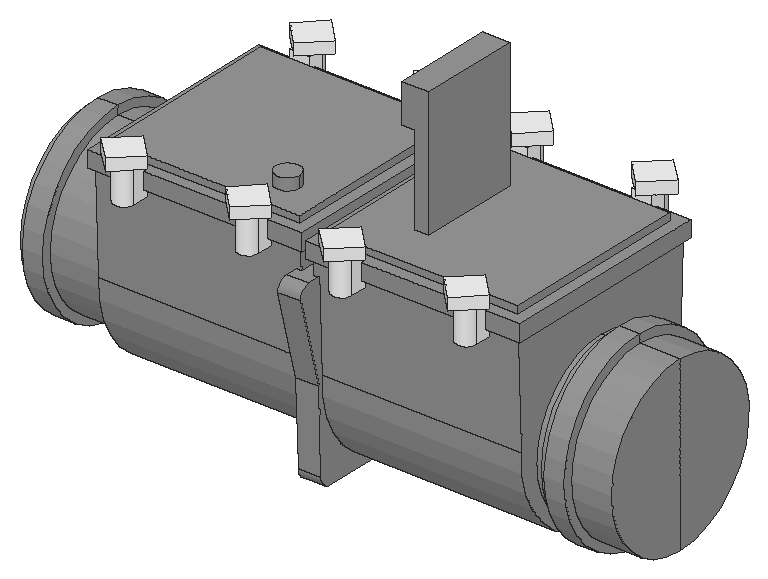
Revit family "HL_Механический канализационный затвор_HL715.2", category Příslušenství trubek, Revit 2016
Family settings
  Typ součásti = Normální
  Kóta kulaté spojky = Použít průměr
  Číslo OmniClass = 23.65.55.14.21
  Nadpis OmniClass = Non-Return Valves for Liquid Services
  Založené na pracovní rovině = Ne
  Vždy vertikální = Ano
  Ořezat dutým tvarem při načtení = Ne
  Sdílené = Ne
Parameters (values of type "HL_Механический канализационный затвор_HL715.2")
  РАЗМЕР = "DN160"
  ПРОПУСКНАЯ СПОСОБНОСТЬ [instance] = 0.0 m³/h
  ПРАВОВАЯ ИНФОРМАЦИЯ = "\"Авторские права(©), права на дизайн или какие либо другие права интелектуальной собственности являются исключительной собственностью компании HL Hutterer & Lechner. Изменению не подлежит. Файл семейства с данными о прозводителе изделия защищен паролем с водяным знаком.\""
  ПАДЕНИЕ ДАВЛЕНИЯ [instance] = 0.0 Pa
  НОМИНАЛЬНЫЙ ДИАМЕТР 2 = 160 mm
  НОМИНАЛЬНЫЙ ДИАМЕТР = 160 mm
  МАТЕРИАЛ = "ABS"
  ВЫСОТА МОНТАЖА = "355 mm"
  ВЕС = "5,87 kg"
  Výrobce = "HL Hutterer & Lechner GmbH"
  URL = "http://www.hutterer-lechner.com/ru/products/catalog/roof-drains/HL715.2.aspx"
  Popis = "Механический канализационный затвор"
  Model = "HL715.2"
  Komentáře k typům = "Механический магистральный канализационный затвор DN160 с двумя заслонками из нержавеющей стали и ручным затвором."
  Keynote = "HL715.2"
  EAN = "9003076971527"
  Cena = 0
Types (2, lengths in mm): name | URL | Popis | Komentáře k typům
  (no name) | "http://www.hutterer-lechner.com/en/products/catalog/roof-drains/HL715.2.aspx" | "Anti flood valves" | "anti-flood valve DN160 with 2 stainless steel flaps and manual blocking"
  HL_Механический канализационный затвор_HL715.2 | "http://www.hutterer-lechner.com/ru/products/catalog/roof-drains/HL715.2.aspx" | "Механический канализационный затвор" | "Механический магистральный канализационный затвор DN160 с двумя заслонками из нержавеющей стали и ручным затвором."
Values of the unnamed type that differ from the named types
  ПРАВОВАЯ ИНФОРМАЦИЯ = "\"Copyright (©), design rights or any other intellectual property rights, shall be the exclusive property of HL Hutterer & Lechner GmbH. Modification is not allowed. Family has been watermarked.\""
Reference planes
  plane 1 "Střed (vpředu/vzadu)": y = 0
  plane 2: z = 0
  plane 3 "Střed (vlevo/vpravo)": x = 0
Forms (mm)
  Sweep 1, solid, material "Plastic - Orange", detail levels fine
    path origin (326.7, 0, 122.2) x (1, 0, 0) y (0, 0, 1)
      loop
        line (101.5, -24) -> (-101.443, -24)
    profile origin (326.729, 0, 98.2) x (0, 0, -1) y (0, -1, 0)
      loop
        line (-0.5, 0) -> (-0.5, -101.455) -> (102.291, -97.866)
        arc (102.291, -97.866) -> (176.057, -71.881) -> (206.874, 0) r 97.308
        arc (206.874, 0) -> (176.057, 71.881) -> (102.291, 97.866) r 97.308
        line (102.291, 97.866) -> (-0.5, 101.455) -> (-0.5, 0)
  Extrusion 2, solid, material "Plastic - Orange", detail levels fine
    sketch origin (428.2, 0, 98.7) x (-1, 0, 0) y (0, -1, 0)
      loop
        line (-4.2, 105.7) -> (-4.2, -105.7) -> (207.2, -105.7) -> (207.2, 105.7) -> (-4.2, 105.7)
    from 0 to 16.5
  Extrusion 3, solid, material "Plastic - Orange", detail levels fine
    sketch origin (428.2, 0, 115.2) x (-1, 0, 0) y (0, -1, 0)
      loop
        line (196, -94.5) -> (196, 94.5) -> (7, 94.5) -> (7, -94.5) -> (196, -94.5)
    from 0 to 7
  Extrusion 4, solid, material "Plactic - White", detail levels fine
    sketch origin (326.7, 0, 122.2) x (1, 0, 0) y (0, 1, 0)
      loop
        line (71.5, -101.158) -> (51.5, -101.158) -> (51.5, -116.5)
        arc (51.5, -116.5) -> (61.5, -126.5) -> (71.5, -116.5) r 10
        line (71.5, -116.5) -> (71.5, -101.158)
    from -32 to 3.735
  Extrusion 5, solid, material "Plactic - White", detail levels fine
    sketch origin (326.7, 0, 125.935) x (1, 0, 0) y (0, 1, 0)
      loop
        line (84.127, -116.5) -> (61.5, -93.873) -> (38.873, -116.5) -> (61.5, -139.127) -> (84.127, -116.5)
    from 0 to 12
  Extrusion 6, solid, material "Plactic - White", detail levels fine
    sketch origin (203.7, 0, 122.2) x (1, 0, 0) y (0, 1, 0)
      loop
        line (71.5, -101.158) -> (51.5, -101.158) -> (51.5, -116.5)
        arc (51.5, -116.5) -> (61.5, -126.5) -> (71.5, -116.5) r 10
        line (71.5, -116.5) -> (71.5, -101.158)
    from -32 to 3.735
  Extrusion 7, solid, material "Plactic - White", detail levels fine
    sketch origin (203.7, 0, 125.935) x (1, 0, 0) y (0, 1, 0)
      loop
        line (84.127, -116.5) -> (61.5, -93.873) -> (38.873, -116.5) -> (61.5, -139.127) -> (84.127, -116.5)
    from 0 to 12
  Extrusion 8, solid, material "Plactic - White", detail levels fine
    sketch origin (326.7, 0, 122.2) x (1, 0, 0) y (0, 1, 0)
      loop
        line (71.5, 101.158) -> (71.5, 116.5)
        arc (71.5, 116.5) -> (61.5, 126.5) -> (51.5, 116.5) r 10
        line (51.5, 116.5) -> (51.5, 101.158) -> (71.5, 101.158)
    from -32 to 3.735
  Extrusion 9, solid, material "Plactic - White", detail levels fine
    sketch origin (326.7, 0, 125.935) x (1, 0, 0) y (0, 1, 0)
      loop
        line (84.127, 116.5) -> (61.5, 139.127) -> (38.873, 116.5) -> (61.5, 93.873) -> (84.127, 116.5)
    from 0 to 12
  Extrusion 10, solid, material "Plactic - White", detail levels fine
    sketch origin (203.7, 0, 122.2) x (1, 0, 0) y (0, 1, 0)
      loop
        line (71.5, 101.158) -> (71.5, 116.5)
        arc (71.5, 116.5) -> (61.5, 126.5) -> (51.5, 116.5) r 10
        line (51.5, 116.5) -> (51.5, 101.158) -> (71.5, 101.158)
    from -32 to 3.735
  Extrusion 11, solid, material "Plactic - White", detail levels fine
    sketch origin (203.7, 0, 125.935) x (1, 0, 0) y (0, 1, 0)
      loop
        line (84.127, 116.5) -> (61.5, 139.127) -> (38.873, 116.5) -> (61.5, 93.873) -> (84.127, 116.5)
    from 0 to 12
  Sweep 12, solid, material "Plastic - Orange", not visible, detail levels fine
    path origin (326.7, 0, 117.262) x (1, 0, 0) y (0, 0, 1)
      loop
        line (180, -58.4) -> (101.5, -58.4)
    profile origin (467.45, 0, 58.862) x (0, 0, -1) y (0, -1, 0)
      loop
        circle (80, 0) r 80
  Extrusion 13, solid, material "Plastic - Red", detail levels fine
    sketch origin (373.948, 0, 122.2) x (1, 0, 0) y (0, 0, 1)
      loop
        line (-76.248, 127) -> (-102.748, 127) -> (-102.748, 89) -> (-90.248, 89) -> (-90.248, 0) -> (-76.248, 0) -> (-76.248, 127)
    from -50 to 50
  Sweep 14, solid, material "Plastic - Orange", detail levels fine
    path origin (110.7, 0, 126.9) x (1, 0, 0) y (0, 0, 1)
      loop
        line (101.5, -24) -> (-101.443, -24)
    profile origin (110.729, 0, 102.9) x (0, 0, -1) y (0, -1, 0)
      loop
        line (-0.5, 0) -> (-0.5, -101.455) -> (99.02, -97.98)
        arc (99.02, -97.98) -> (171.687, -71.286) -> (201.874, 0) r 97.308
        arc (201.874, 0) -> (171.687, 71.286) -> (99.02, 97.98) r 97.308
        line (99.02, 97.98) -> (-0.5, 101.455) -> (-0.5, 0)
  Extrusion 15, solid, material "Plastic - Orange", detail levels fine
    sketch origin (212.2, 0, 103.4) x (-1, 0, 0) y (0, -1, 0)
      loop
        line (-4.2, 105.7) -> (-4.2, -105.7) -> (207.2, -105.7) -> (207.2, 105.7) -> (-4.2, 105.7)
    from 0 to 16.5
  Extrusion 16, solid, material "Plastic - Orange", detail levels fine
    sketch origin (212.2, 0, 119.9) x (-1, 0, 0) y (0, -1, 0)
      loop
        line (196, -94.5) -> (196, 94.5) -> (7, 94.5) -> (7, -94.5) -> (196, -94.5)
    from 0 to 7
  Extrusion 17, solid, material "Plactic - White", detail levels fine
    sketch origin (110.7, 0, 126.9) x (1, 0, 0) y (0, 1, 0)
      loop
        line (71.5, -101.158) -> (51.5, -101.158) -> (51.5, -116.5)
        arc (51.5, -116.5) -> (61.5, -126.5) -> (71.5, -116.5) r 10
        line (71.5, -116.5) -> (71.5, -101.158)
    from -32 to 3.735
  Extrusion 18, solid, material "Plactic - White", detail levels fine
    sketch origin (110.7, 0, 130.635) x (1, 0, 0) y (0, 1, 0)
      loop
        line (84.127, -116.5) -> (61.5, -93.873) -> (38.873, -116.5) -> (61.5, -139.127) -> (84.127, -116.5)
    from 0 to 12
  Extrusion 19, solid, material "Plactic - White", detail levels fine
    sketch origin (-12.3, 0, 126.9) x (1, 0, 0) y (0, 1, 0)
      loop
        line (71.5, -101.158) -> (51.5, -101.158) -> (51.5, -116.5)
        arc (51.5, -116.5) -> (61.5, -126.5) -> (71.5, -116.5) r 10
        line (71.5, -116.5) -> (71.5, -101.158)
    from -32 to 3.735
  Extrusion 20, solid, material "Plactic - White", detail levels fine
    sketch origin (-12.3, 0, 130.635) x (1, 0, 0) y (0, 1, 0)
      loop
        line (84.127, -116.5) -> (61.5, -93.873) -> (38.873, -116.5) -> (61.5, -139.127) -> (84.127, -116.5)
    from 0 to 12
  Revolve 21, solid, material "Plastic - Orange", detail levels fine
    sketch origin (110.7, 0, 126.9) x (1, 0, 0) y (0, 0, 1)
      loop
        line (-189.5, -126.9) -> (-101.443, -126.9) -> (-101.443, -41.9) -> (-160.5, -41.9) -> (-160.5, -33.366) -> (-180.5, -33.366) -> (-180.5, -41.9) -> (-189.5, -41.9) -> (-189.5, -126.9)
      axis (-101.443, -126.9) -> (-189.5, -126.9)
    angle from 0 to 360
  Extrusion 22, solid, material "Plactic - White", detail levels fine
    sketch origin (110.7, 0, 126.9) x (1, 0, 0) y (0, 1, 0)
      loop
        line (71.5, 101.158) -> (71.5, 116.5)
        arc (71.5, 116.5) -> (61.5, 126.5) -> (51.5, 116.5) r 10
        line (51.5, 116.5) -> (51.5, 101.158) -> (71.5, 101.158)
    from -32 to 3.735
  Extrusion 23, solid, material "Plactic - White", detail levels fine
    sketch origin (110.7, 0, 130.635) x (1, 0, 0) y (0, 1, 0)
      loop
        line (84.127, 116.5) -> (61.5, 139.127) -> (38.873, 116.5) -> (61.5, 93.873) -> (84.127, 116.5)
    from 0 to 12
  Extrusion 24, solid, material "Plactic - White", detail levels fine
    sketch origin (-12.3, 0, 126.9) x (1, 0, 0) y (0, 1, 0)
      loop
        line (71.5, 101.158) -> (71.5, 116.5)
        arc (71.5, 116.5) -> (61.5, 126.5) -> (51.5, 116.5) r 10
        line (51.5, 116.5) -> (51.5, 101.158) -> (71.5, 101.158)
    from -32 to 3.735
  Extrusion 25, solid, material "Plactic - White", detail levels fine
    sketch origin (-12.3, 0, 130.635) x (1, 0, 0) y (0, 1, 0)
      loop
        line (84.127, 116.5) -> (61.5, 139.127) -> (38.873, 116.5) -> (61.5, 93.873) -> (84.127, 116.5)
    from 0 to 12
  Extrusion 26, solid, material "Plastic - Orange", detail levels fine
    sketch origin (213.95, 0, 126.9) x (0, 1, 0) y (0, 0, 1)
      loop
        line (-87.161, -233.82) -> (0, -233.82) -> (87.161, -233.82)
        arc (87.161, -233.82) -> (95.351, -230.428) -> (98.743, -222.239) r 11.581
        line (98.743, -222.239) -> (101.621, -139.82) -> (124.203, -54.55)
        arc (124.203, -54.55) -> (120.952, -46.701) -> (113.103, -43.45) r 11.1
        line (113.103, -43.45) -> (0, -43.45) -> (-113.103, -43.45)
        arc (-113.103, -43.45) -> (-120.952, -46.701) -> (-124.203, -54.55) r 11.1
        line (-124.203, -54.55) -> (-101.621, -139.82) -> (-98.743, -222.239)
        arc (-98.743, -222.239) -> (-95.351, -230.428) -> (-87.161, -233.82) r 11.581
    from -6.25 to 16
  Extrusion 27, solid, material "Plastic - Orange", detail levels fine
    sketch origin (212.2, 0, 126.9) x (-1, 0, 0) y (0, -1, 0)
      loop
        circle (45.784, 60.254) r 12
    from 0 to 11.035
  Revolve 28, solid, material "Plastic - Orange", detail levels fine
    sketch origin (627.2, 0, 105.762) x (1, 0, 0) y (0, 0, 1)
      loop
        line (-199, -126.9) -> (-120.5, -126.9) -> (-120.5, -41.9) -> (-160.5, -41.9) -> (-160.5, -33.366) -> (-180.5, -33.366) -> (-180.5, -41.9) -> (-189.5, -41.9) -> (-189.5, -46.9) -> (-199, -46.9) -> (-199, -126.9)
      axis (-120.5, -126.9) -> (-199, -126.9)
    angle from 0 to 360
Lines and regions (mm)
  symbolic lines, style "Symbol", detail levels coarse+medium
    curve 1: line (506.7, 0, 0) -> (0, 0, 0)
    curve 2: line (378.35, -60, 0) -> (378.35, 60, 0)
    curve 3: line (378.35, 60, 0) -> (128.35, 60, 0)
    curve 4: line (128.35, -60, 0) -> (128.35, 60, 0)
    curve 9: line (253.35, -105, 0) -> (253.35, 105, 0)
    curve 10: line (378.35, -60, 0) -> (128.35, -60, 0)
  model lines, style "Symbol", detail levels coarse+medium
    curve 5: line (0, 0, 0) -> (506.7, 0, -21.138)
    curve 6: line (378.35, 0, -70.569) -> (378.35, 0, 49.431)
    curve 7: line (378.35, 0, 49.431) -> (128.35, 0, 49.431)
    curve 8: line (128.35, 0, -70.569) -> (128.35, 0, 49.431)
    curve 13: line (378.35, 0, -70.569) -> (128.35, 0, -70.569)
  model lines, detail levels coarse+medium
    curve 11: line (253.35, 0, -10.569) -> (253.35, 0, 94.431)
    curve 12: line (253.35, 0, -115.569) -> (253.35, 0, -10.569)
Dimensions and locks
  aligned and locked: level to plane 2
Connectors
  piping at (0, 0, 0), diameter 160, driven by "ПАДЕНИЕ ДАВЛЕНИЯ", driven by "НОМИНАЛЬНЫЙ ДИАМЕТР", driven by "ПРОПУСКНАЯ СПОСОБНОСТЬ"
    settings: on plane 3 "Střed (vlevo/vpravo)", index 1, connector inside diameter 609.6 mm, connector length 0 mm, flow factor 0, pipe flow 0.0 m³/h, pressure drop 0.0 Pa, fitting loss kfactor 0, connector angle 0.00°, fixture units 0, engagement length 0 mm, angle of deflection 0.00°, flow configuration 0, flow direction 0, fitting loss method 4, system type 16, joint type 0, gender type 0, connector reference index -1, connector utility 0, adjustable connector no, is connector primary yes, connector description ""
  piping at (506.7, 0, -21.138), diameter 160, driven by "НОМИНАЛЬНЫЙ ДИАМЕТР 2", driven by "ПРОПУСКНАЯ СПОСОБНОСТЬ"
    settings: on Sweep 12, index 2, connector inside diameter 609.6 mm, connector length 0 mm, flow factor 0, pipe flow 0.0 m³/h, pressure drop 0.0 Pa, fitting loss kfactor 0, connector angle 0.00°, fixture units 0, engagement length 0 mm, angle of deflection 0.00°, flow configuration 1, flow direction 2, fitting loss method 4, system type 16, joint type 0, gender type 0, connector reference index -1, connector utility 0, adjustable connector no, is connector primary no, connector description ""
